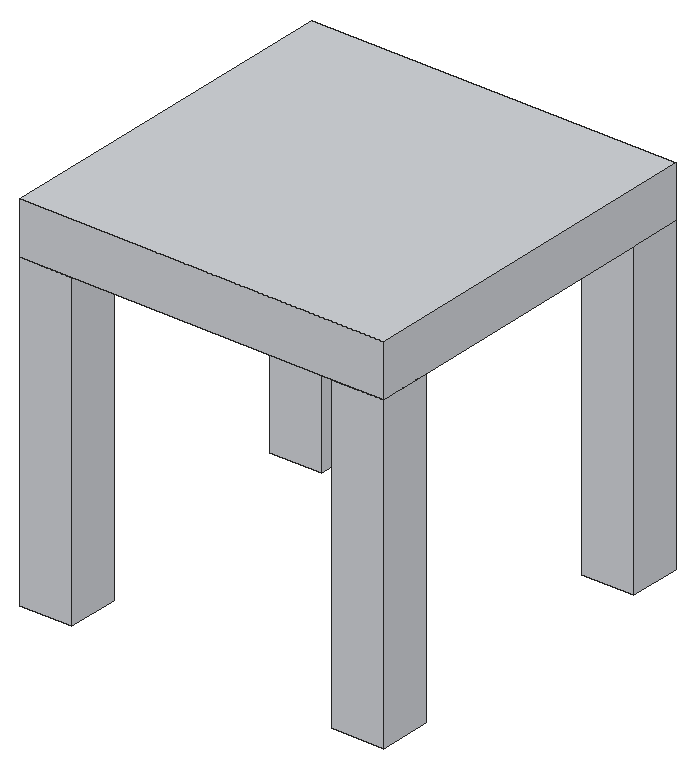
Revit family "stół ikea", category Generic Models, host Floor, Revit 2015
Parameters
  wysokosc stolu = 350 cm
  szerokosc nogi = 50 cm
  szerokosc blatu = 350 cm
  grubosc blatu = 50 cm
Reference planes (cm)
  plane 1 "Center (Front/Back)": y = 0
  plane 2: z = 0
  plane 3 "Center (Left/Right)": x = 0
  plane 4: x = -175
  plane 5: x = -125
  plane 6: x = 125
  plane 7: x = 175
  plane 8: y = -175
  plane 9: y = -125
  plane 10: y = 175
  plane 11: y = 125
  plane 12: z = 350
  plane 13: z = 300
Forms (cm)
  Extrusion 1, solid
    sketch origin (0, 0, 0) x (1, 0, 0) y (0, 1, 0)
      loop
        line (-175, 175) -> (-175, 125) -> (-125, 125) -> (-125, 175) -> (-175, 175)
      loop
        line (125, -125) -> (125, -175) -> (175, -175) -> (175, -125) -> (125, -125)
      loop
        line (-175, -125) -> (-175, -175) -> (-125, -175) -> (-125, -125) -> (-175, -125)
      loop
        line (125, 175) -> (125, 125) -> (175, 125) -> (175, 175) -> (125, 175)
    from 0 to 300
  Extrusion 2, solid
    sketch origin (0, 0, 0) x (1, 0, 0) y (0, 1, 0)
      loop
        line (-175, 175) -> (-175, -175) -> (175, -175) -> (175, 175) -> (-175, 175)
    from 300 to 350
Dimensions and locks (cm)
  equal spacing: plane 4, plane 3 "Center (Left/Right)", plane 7
  equal spacing: plane 10, plane 1 "Center (Front/Back)", plane 8
  "szerokosc nogi": plane 10 to plane 11
  "szerokosc nogi": plane 9 to plane 8
  "szerokosc nogi": plane 4 to plane 5
  "szerokosc nogi": plane 6 to plane 7
  "szerokosc blatu": plane 10 to plane 8
  "szerokosc blatu": plane 4 to plane 7
  "grubosc blatu": plane 12 to plane 13
  "wysokosc stolu": plane 12 to level
  aligned and locked: level to plane 2
  aligned and locked: Extrusion 1 sketch curve to plane 10  (x2)
  aligned and locked: plane 4 to Extrusion 1 sketch curve  (x2)
  aligned and locked: plane 11 to Extrusion 1 sketch curve  (x2)
  aligned and locked: Extrusion 1 sketch curve to plane 5  (x2)
  aligned and locked: Extrusion 1 sketch curve to plane 9  (x2)
  aligned and locked: plane 6 to Extrusion 1 sketch curve  (x2)
  aligned and locked: plane 8 to Extrusion 1 sketch curve  (x2)
  aligned and locked: Extrusion 1 sketch curve to plane 7  (x2)
  aligned and locked: Extrusion 2 sketch curve to Extrusion 1  (x4)
  aligned and locked: plane 13 to Extrusion 1
  aligned and locked: plane 12 to Extrusion 2
  aligned and locked: Extrusion 2 to plane 13
  aligned and locked: Extrusion 1 to host floor
